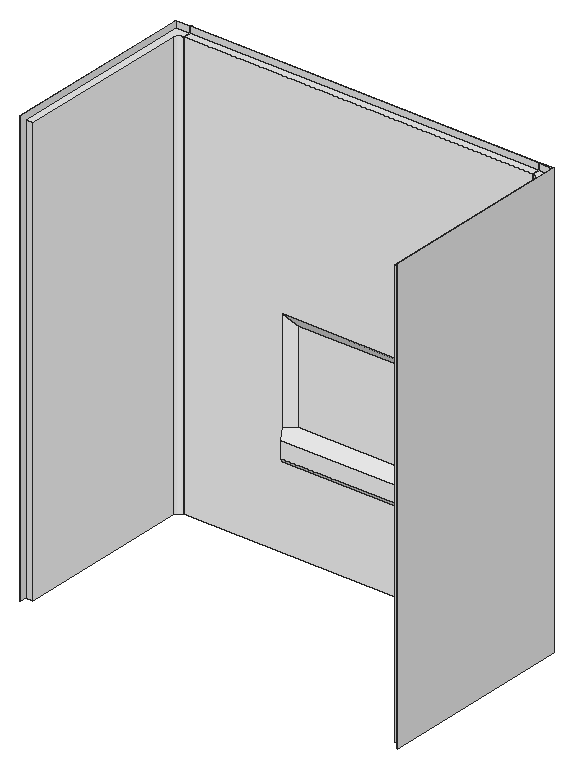
Revit family "3EWS6030", category Plumbing Fixtures, Revit 2014
Parameters (values of type "3EWS6030")
  Unit Width = 5' - 0"
  Unit Height = 5' - 9"
  URL = "http://www.best-bath.com"
  Type Comments = "Remodeler"
  Model = "3EWS6030"
  Material [instance] = Best Bath Gelcoat Fiberglass - 8in Tile
  Manufacturer = "Best Bath Systems, Inc."
  Keynote = "22 40 00.D3"
  Description = "8in Tile, Wall Surround"
  Assembly Code = "D2010700"
Reference planes (in)
  plane 1 "Back": y = 0
  plane 2: z = 0.25
  plane 3 "Left": x = 0
  plane 4: x = 60
  plane 5: y = -30
  plane 6: z = 68.25
  plane 7: z = 69.25
  plane 8: y = -1.25
  plane 9: x = 1.25
  plane 10: x = 58.75
  plane 11: y = -31
  plane 12: z = 18.25
Forms (in)
  Extrusion 1, solid, material "Best Bath Gelcoat Fiberglass - Smooth"
    sketch origin (0, 0, 0.25) x (1, 0, 0) y (0, 1, 0)
      loop
        line (60, -30) -> (60, 0) -> (57.75, 0) -> (57.75, -1.25)
        arc (57.75, -1.25) -> (58.45711, -1.54289) -> (58.75, -2.25) r 1
        line (58.75, -2.25) -> (58.75, -30) -> (60, -30)
      loop
        line (0, -30) -> (1.25, -30) -> (1.25, -2.25)
        arc (1.25, -2.25) -> (1.54289, -1.54289) -> (2.25, -1.25) r 1
        line (2.25, -1.25) -> (2.25, 0) -> (0, 0) -> (0, -30)
    from 0 to 68
  Extrusion 2, solid, material "Best Bath Gelcoat Fiberglass - Smooth"
    sketch origin (0, 0, 0.25) x (1, 0, 0) y (0, 1, 0)
      loop
        line (2.25, -1.25) -> (57.75, -1.25) -> (57.75, 0) -> (2.25, 0) -> (2.25, -1.25)
    from 0 to 68
  Extrusion 3, solid, material "Best Bath Gelcoat Fiberglass - Smooth"
    sketch origin (0, 0, 0.25) x (1, 0, 0) y (0, 1, 0)
      loop
        line (2.25, 0) -> (2.25, -0.12451) -> (57.75, -0.12451) -> (57.75, 0) -> (2.25, 0)
    from 68 to 69
  Extrusion 4, solid, material "Best Bath Gelcoat Fiberglass - Smooth"
    sketch origin (0, 0, 0.25) x (1, 0, 0) y (0, 1, 0)
      loop
        line (0, -31) -> (0.125, -31) -> (0.125, -0.12451) -> (2.25, -0.12451) -> (2.25, 0) -> (0, 0) -> (0, -31)
      loop
        line (60, -31) -> (60, 0) -> (57.75, 0) -> (57.75, -0.12451) -> (59.875, -0.12451) -> (59.875, -31) -> (60, -31)
    from 0 to 69
  Blend 5, solid, material "Best Bath Gelcoat Fiberglass - Smooth"
    base sketch origin (1.5, -33, 0) x (1, 0, 0) y (0, 0, 1)
      loop
        line (16.5, 18.25) -> (16.5, 13.25) -> (40.5, 13.25) -> (40.5, 18.25) -> (16.5, 18.25)
    top sketch origin (1.5, -33, 0) x (1, 0, 0) y (0, 0, 1)
      loop
        line (18.5, 18.25) -> (18.5, 15.75) -> (38.5, 15.75) -> (38.5, 18.25) -> (18.5, 18.25)
    from -31.75 to -28.75
  Blend 6, void
    base sketch origin (1.5, -33, 0) x (1, 0, 0) y (0, 0, 1)
      loop
        line (16.5, 18.25) -> (40.5, 18.25) -> (40.5, 34.25) -> (16.5, 34.25) -> (16.5, 18.25)
    top sketch origin (1.5, -33, 0) x (1, 0, 0) y (0, 0, 1)
      loop
        line (18, 18.25) -> (39, 18.25) -> (39, 32.75) -> (18, 32.75) -> (18, 18.25)
    from -31.75 to -32.75
Cuts and joins
  Blend 6 cuts Extrusion 2
  joined: Extrusion 2, Extrusion 3, Blend 5
  joined: Extrusion 1, Extrusion 4
Dimensions and locks (in)
  locked: plane 7 to plane 6 at 1
  "Unit Height": plane 7 to level
  locked: plane 8 to plane 1 "Back" at 1.25
  locked: plane 3 "Left" to plane 9 at 1.25
  locked: plane 10 to plane 4 at 1.25
  "Unit Width": plane 3 "Left" to plane 4
  locked: plane 5 to plane 11 at 1
  locked: plane 11 to plane 1 "Back" at 31
  locked: plane 12 to level at 18
  aligned and locked: level to plane 2
  aligned and locked: plane 6 to Extrusion 1
  aligned and locked: Extrusion 1 sketch curve to plane 4
  aligned and locked: Extrusion 1 sketch curve to plane 5
  aligned and locked: plane 6 to Extrusion 2
  aligned and locked: Extrusion 2 to level
  aligned and locked: Extrusion 1 to level
  aligned and locked: Extrusion 3 to plane 6
  aligned and locked: plane 7 to Extrusion 3
  aligned and locked: plane 7 to Extrusion 4
Automatic sketch dimensions
  plane 1 "Back" to Extrusion 1 sketch curve = 0' - 0"  (x2)
  Extrusion 1 sketch curve to plane 3 "Left" = 0' - 0"
  Extrusion 1 sketch curve to plane 9 = 0' - 0"
  Extrusion 1 sketch curve to plane 8 = 0' - 0"  (x2)
  Extrusion 1 sketch curve to plane 10 = 0' - 0"
  Extrusion 1 sketch curve to plane 5 = 0' - 0"
  plane 9 to Extrusion 1 sketch curve = 0' - 1"
  Extrusion 1 sketch curve to plane 10 = 0' - 1"
  plane 1 "Back" to Extrusion 2 sketch curve = 0' - 0"
  Extrusion 2 sketch curve to plane 8 = 0' - 0"
  plane 3 "Left" to Extrusion 2 sketch curve = 0' - 2 1/4"
  plane 4 to Extrusion 2 sketch curve = 0' - 2 1/4"
  plane 1 "Back" to Extrusion 3 sketch curve = 0' - 0"
  plane 3 "Left" to Extrusion 3 sketch curve = 0' - 2 1/4"
  plane 4 to Extrusion 3 sketch curve = 0' - 2 1/4"
  Extrusion 3 sketch curve to Extrusion 3 sketch curve = 0' - 0.12451"
  Extrusion 4 sketch curve to plane 3 "Left" = 0' - 0"
  Extrusion 4 sketch curve to plane 11 = 0' - 0"  (x2)
  plane 1 "Back" to Extrusion 4 sketch curve = 0' - 0"  (x2)
  Extrusion 4 sketch curve to plane 4 = 0' - 0"
  plane 3 "Left" to Extrusion 4 sketch curve = 0' - 0 1/8"
  plane 1 "Back" to Extrusion 4 sketch curve = 0' - 0.12451"  (x2)
  Extrusion 4 sketch curve to Extrusion 4 sketch curve = 0' - 2 1/8"
  plane 4 to Extrusion 4 sketch curve = 0' - 2 1/4"
  plane 4 to Extrusion 4 sketch curve = 0' - 0 1/8"
  Blend 5 sketch curve to plane 12 = 0' - 0"  (x2)
  plane 3 "Left" to Blend 5 sketch curve = 1' - 6"
  Blend 5 sketch curve to plane 12 = 0' - 5"
  plane 4 to Blend 5 sketch curve = 1' - 6"
  plane 3 "Left" to Blend 5 sketch curve = 1' - 8"
  Blend 5 sketch curve to plane 12 = 0' - 2 1/2"
  Blend 5 sketch curve to Blend 5 sketch curve = 1' - 8"
  Blend 6 sketch curve to plane 12 = 0' - 0"  (x2)
  plane 3 "Left" to Blend 6 sketch curve = 1' - 6"
  plane 4 to Blend 6 sketch curve = 1' - 6"
  plane 12 to Blend 6 sketch curve = 1' - 4"
  plane 3 "Left" to Blend 6 sketch curve = 1' - 7 1/2"
  plane 4 to Blend 6 sketch curve = 1' - 7 1/2"
  Blend 6 sketch curve to Blend 6 sketch curve = 1' - 2 1/2"
